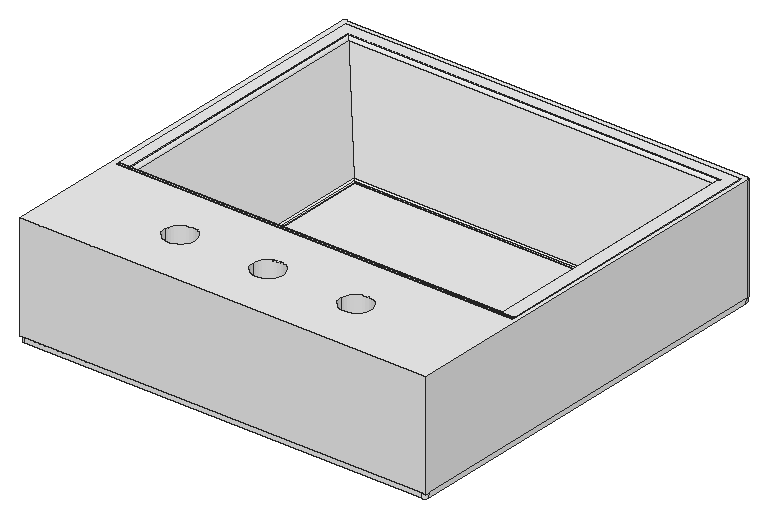
Revit family "Sink 460x460", category Plumbing Fixtures, Revit 2015
Parameters
  Material [instance] = Porcelain White
  Manufacturer = ""
  Assembly Code = ""
Reference planes
  plane 1 "Center (Front/Back)": y = 0
  plane 2: z = 0
  plane 3 "Center (Left/Right)": x = 0
  plane 4: x = -134.49
  plane 5: x = -249.489
  plane 6: x = -224.489
Forms (mm)
  Sweep 1, solid, material "Porcelain White" <- "Material"
    path origin (-125, -135, 730) x (1, 0, 0) y (0, 1, 0)
      loop
        line (-67.49, 264.881) -> (-67.49, 557) -> (317.489, 557) -> (317.489, 264.881)
    profile origin (0, 275.941, 0) x (-1, 0, 0) y (0, 0, 1)
      loop
        line (224.489, 845) -> (224.489, 850) -> (210.598, 850)
        arc (210.598, 850) -> (208.595, 848.506) -> (207.431, 846.294) r 5.658
        line (207.431, 846.294) -> (176.522, 730.94)
        arc (176.522, 730.94) -> (175.796, 730.251) -> (174.826, 730) r 2
        line (174.826, 730) -> (171.997, 730) -> (171.997, 724.958) -> (180.095, 724.958) -> (212.261, 845) -> (224.489, 845)
  Sweep 2, solid, material "Porcelain White" <- "Material"
    path origin (-125, -75, 730) x (1, 0, 0) y (0, 1, 0)
      loop
        line (-99.49, 205) -> (349.489, 205)
    profile origin (0, 0, 0) x (0, 1, 0) y (0, 0, 1)
      loop
        line (149.827, 731.749) -> (135.102, 848.251)
        arc (135.102, 848.251) -> (134.441, 849.5) -> (133.118, 850) r 2
        line (133.118, 850) -> (129.881, 850) -> (145.686, 724.958) -> (155.686, 724.958) -> (155.686, 730) -> (151.811, 730)
        arc (151.811, 730) -> (150.489, 730.5) -> (149.827, 731.749) r 2
  Extrusion 3, solid, material "Porcelain White" <- "Material"
    sketch origin (-125.979, -75, 730) x (1, 0, 0) y (0, 1, 0)
      loop
        arc (-101.511, 535) -> (-103.632, 534.121) -> (-104.511, 532) r 3
        line (-104.511, 532) -> (-104.511, 75) -> (355.979, 75) -> (355.979, 532)
        arc (355.979, 532) -> (355.1, 534.121) -> (352.979, 535) r 3
        line (352.979, 535) -> (-101.511, 535)
      loop
        circle (25.511, 139.361) r 17.5
      loop
        circle (125.511, 139.361) r 17.5
      loop
        circle (225.511, 139.361) r 17.5
      loop
        line (337.489, 516.771) -> (-86.282, 516.771) -> (-86.282, 205) -> (337.489, 205) -> (337.489, 516.771)
    from 0 to 120
  Extrusion 4, solid, material "Porcelain White" <- "Material"
    sketch origin (-125, -75, 730) x (1, 0, 0) y (0, 1, 0)
      loop
        arc (-105.49, 80) -> (-104.025, 76.464) -> (-100.49, 75) r 5
        line (-100.49, 75) -> (350, 75)
        arc (350, 75) -> (353.536, 76.464) -> (355, 80) r 5
        line (355, 80) -> (355, 530)
        arc (355, 530) -> (353.536, 533.536) -> (350, 535) r 5
        line (350, 535) -> (-100.49, 535)
        arc (-100.49, 535) -> (-104.025, 533.536) -> (-105.49, 530) r 5
        line (-105.49, 530) -> (-105.49, 80)
      loop
        circle (125.51, 275) r 23
    from -5.042 to 0
Lines and regions (mm)
  symbolic lines
    curve 1: line (-225.489, 460, 0) -> (225, 460, 0)
    curve 2: line (230, 455, 0) -> (230, 5, 0)
    curve 3: arc (230, 5, 0) -> (228.536, 1.464, 0) -> (225, 0, 0) r 5
    curve 4: line (225, 0, 0) -> (-225.489, 0, 0)
    curve 5: arc (-225.489, 0, 0) -> (-229.025, 1.464, 0) -> (-230.489, 5, 0) r 5
    curve 6: arc (-230.489, 455, 0) -> (-229.025, 458.536, 0) -> (-225.489, 460, 0) r 5
    curve 7: line (-207.261, 441.771, 0) -> (206.51, 441.771, 0)
    curve 8: arc (206.51, 441.771, 0) -> (210.046, 440.307, 0) -> (211.51, 436.771, 0) r 5
    curve 9: line (211.51, 436.771, 0) -> (211.51, 135, 0)
    curve 10: arc (211.51, 135, 0) -> (210.046, 131.464, 0) -> (206.51, 130, 0) r 5
    curve 11: line (206.51, 130, 0) -> (-207.261, 130, 0)
    curve 12: arc (-207.261, 130, 0) -> (-210.796, 131.464, 0) -> (-212.261, 135, 0) r 5
    curve 13: line (-212.261, 135, 0) -> (-212.261, 436.771, 0)
    curve 14: arc (-212.261, 436.771, 0) -> (-210.796, 440.307, 0) -> (-207.261, 441.771, 0) r 5
    curve 15: line (166.997, 155.686, 0) -> (-126.022, 155.686, 0)
    curve 16: line (-126.022, 155.686, 0) -> (-166.997, 155.686, 0)
    curve 17: arc (-166.997, 155.686, 0) -> (-170.533, 157.15, 0) -> (-171.997, 160.686, 0) r 5
    curve 18: line (-171.997, 160.686, 0) -> (-171.997, 396.508, 0)
    curve 19: arc (-171.997, 396.508, 0) -> (-170.533, 400.043, 0) -> (-166.997, 401.508, 0) r 5
    curve 20: line (-166.997, 401.508, 0) -> (166.997, 401.508, 0)
    curve 21: arc (23.511, 200, 0) -> (0.511, 177, 0) -> (-22.489, 200, 0) r 23
    curve 22: arc (-22.489, 200, 0) -> (0.511, 223, 0) -> (23.511, 200, 0) r 23
    curve 23: arc (-36.989, 200, 0) -> (0.511, 237.5, 0) -> (38.011, 200, 0) r 37.5
    curve 24: arc (38.011, 200, 0) -> (0.511, 162.5, 0) -> (-36.989, 200, 0) r 37.5
    curve 25: arc (-16.989, 64.361, 0) -> (0.511, 81.861, 0) -> (18.011, 64.361, 0) r 17.5
    curve 26: arc (18.011, 64.361, 0) -> (0.511, 46.861, 0) -> (-16.989, 64.361, 0) r 17.5
    curve 27: arc (83.011, 64.361, 0) -> (100.511, 81.861, 0) -> (118.011, 64.361, 0) r 17.5
    curve 28: arc (118.011, 64.361, 0) -> (100.511, 46.861, 0) -> (83.011, 64.361, 0) r 17.5
    curve 29: arc (-116.989, 64.361, 0) -> (-99.489, 81.861, 0) -> (-81.989, 64.361, 0) r 17.5
    curve 30: arc (-81.989, 64.361, 0) -> (-99.489, 46.861, 0) -> (-116.989, 64.361, 0) r 17.5
    curve 31: spline (-11.99, 136.838, 0) -> (-11.564, 137.639, 0) -> (-10.315, 138.385, 0) -> (-8.328, 139.026, 0) -> (-5.74, 139.518, 0) -> (-2.725, 139.827, 0) -> (0.51, 139.933, 0) -> (3.746, 139.827, 0) -> (6.76, 139.518, 0) -> (9.349, 139.026, 0) -> (11.336, 138.385, 0) -> (12.585, 137.639, 0) -> (13.01, 136.838, 0)
    curve 32: spline (-11.99, 136.838, 0) -> (-11.564, 136.036, 0) -> (-10.315, 135.29, 0) -> (-8.328, 134.649, 0) -> (-5.74, 134.157, 0) -> (-2.725, 133.848, 0) -> (0.51, 133.742, 0) -> (3.746, 133.848, 0) -> (6.76, 134.157, 0) -> (9.349, 134.649, 0) -> (11.336, 135.29, 0) -> (12.585, 136.036, 0) -> (13.01, 136.838, 0)
    curve 33: arc (166.997, 155.686, 0) -> (170.533, 157.15, 0) -> (171.997, 160.686, 0) r 5
    curve 34: line (171.997, 160.686, 0) -> (171.997, 396.508, 0)
    curve 35: arc (171.997, 396.508, 0) -> (170.533, 400.043, 0) -> (166.997, 401.508, 0) r 5
    curve 38: line (-230.489, 455.633, 0) -> (-230.489, 5, 0)
    curve 39: arc (230, 455, 0) -> (228.536, 458.536, 0) -> (225, 460, 0) r 5
  model lines, style "PlumbingFixtures"
    curve 36: line (-230.489, 5, 0) -> (-230.489, 455, 0)
    curve 37: line (-209.989, 439.5, 0) -> (-128.119, 357.63, 0)
Dimensions and locks
  curve 1 to curve 4 = 460 mm
  curve 7 to curve 1 = 18.229 mm
  curve 11 to curve 4 = 130 mm
  curve 15 to curve 11 = 25.686 mm
  curve 20 to curve 15 = 245.822 mm
  curve 20 to curve 7 = 40.263 mm
  curve 26 to curve 30 to curve 28 to curve 4 = 0 mm, 0 mm, 46.861 mm
  Extrusion 4 to Extrusion 4 = 460 mm
  Extrusion 3 to Extrusion 3 = 460.489 mm
